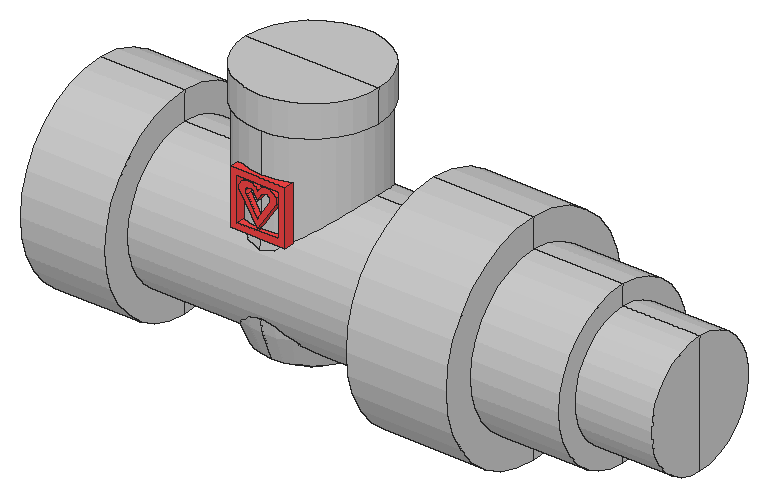
Revit family "Клапан запорный для отключения радиатора HERZ-RL-1, проходной 3723", category Rohrzubehör, Revit 2018
Family settings
  Bemaßung runder Anschluss = Durchmesser verwenden
  Teiletyp = Unterbricht
  OmniClass-Nummer = 23.65.55.14
  OmniClass-Titel = Valves for Liquid Services
  Arbeitsebenenbasiert = Nein
  Immer vertikal = Nein
  Beim Laden mit Abzugskörper schneiden = Nein
  Gemeinsam genutzt = Nein
Parameters
  Среда = "Качество воды в соответствии с ÖNORM H 5195 или директивой VDI 2035."
  Область применения = "Система водяного отопления. С помощью установки радиаторных запорных клапанов возможно осуществить перекрытие обратного потока нагревательных приборов. При одновременном перекрытии с клапаном на подающем трубопроводе возможен демонтаж радиатора в системе, которая находится под давлением. Промывку радиатора или ремонт помещения (оклеивание обоями, облицовку плиткой) можно проводить, не прерывая работу системы. Если требуется предварительная настройка клапанов для отключения радиаторов или заполнение и опорожнение радиаторов или системы при помощи данного клапана, рекомендуется установка клапана HERZ-RL-5."
  Номер заказа [instance] = size_lookup("3723_1_", "Artnr", 0, Nennweite)  # 1372342
  Макс. рабочее давление = 1000000.0 Pa  # constant formula
  Макс. рабочая температура = 120 °C  # constant formula
  Корпус = "Никелированная латунь"  # constant formula
  Исполнение = "Все модели поставляются в никелированном исполнении, это универсальные модели со специальной муфтой для резьбовой трубы и компрессионных фитингов."
  W01 = 60.00°  # constant formula
  URL = "www.herz-armaturen.ru"
  SCRNSEQ = "ARM;ARM_TYP=\"ALLF\";2"
  SCRNCODE = "05;01;02"  # constant formula
  S04 = 45.000 mm  # constant formula
  S03 = 61.000 mm  # constant formula
  S02 [instance] = L05 + L06 + L07  # 63.900 mm
  S01 = 10.000 mm  # constant formula
  R06 = 11.000 mm  # constant formula
  R05 = 25.000 mm  # constant formula
  R04 = 2.000 mm  # constant formula
  R03 = 28.000 mm  # constant formula
  R02 = 11.500 mm  # constant formula
  R01 = 10.500 mm  # constant formula
  Nennweite [instance] = 20.000 mm
  LO1 = 7.000 mm  # constant formula
  L07 [instance] = size_lookup("3723_1_", "L7", 1.000 mm, Nennweite)  # 27.400 mm
  L06 [instance] = size_lookup("3723_1_", "L6", 1.000 mm, Nennweite)  # 16.500 mm
  L05 [instance] = L02 - L04  # 20.000 mm
  L04 [instance] = size_lookup("3723_1_", "L4", 1.000 mm, Nennweite)  # 10.000 mm
  L03 [instance] = size_lookup("3723_1_", "L3", 1.000 mm, Nennweite)  # 14.000 mm
  L02 [instance] = size_lookup("3723_1_", "L2", 1.000 mm, Nennweite)  # 30.000 mm
  L01 [instance] = size_lookup("3723_1_", "L1", 1.000 mm, Nennweite)  # 35.000 mm
  Hersteller = "HERZ Armaturen Ges.m.b.H."  # constant formula
  H05 = 5.200 mm  # constant formula
  H04 = 3.500 mm  # constant formula
  H03 = 28.000 mm  # constant formula
  H02 [instance] = 25.500 mm  # constant formula
  H01 = 17.000 mm  # constant formula
  GTI [instance] = size_lookup("3723_1_", "GT1", 1.000 mm, Nennweite)  # 12.700 mm
  GT [instance] = size_lookup("3723_1_", "GT", 1.000 mm, Nennweite)  # 9.500 mm
  G2 [instance] = Nennweite / 2  # 10.000 mm
  G1 [instance] = Nennweite / 2  # 10.000 mm
  D05 [instance] = size_lookup("3723_1_", "D5", 1.000 mm, Nennweite)  # 13.220 mm
  D04 [instance] = size_lookup("3723_1_", "D4", 1.000 mm, Nennweite)  # 18.000 mm
  D03 [instance] = size_lookup("3723_1_", "D3", 1.000 mm, Nennweite)  # 13.000 mm
  D02 [instance] = size_lookup("3723_1_", "D2", 1.000 mm, Nennweite)  # 12.000 mm
  D01 [instance] = size_lookup("3723_1_", "D1", 1.000 mm, Nennweite)  # 16.500 mm
Reference planes
  plane 1 "Mitte (Vorne/hinten)": y = 0
  plane 2: z = 0
  plane 3 "Mitte (Links/rechts)": x = 0
Forms (mm)
  Revolve 1, solid, material "Messing, weicher Gelbton, geschweißt", detail levels fine
    sketch origin (0, 0, 0) x (1, 0, 0) y (0, 0, 1)
      loop
        line (-25.5, 0) -> (30, 0) -> (30, 13) -> (20, 13) -> (20, 12) -> (-21, 12) -> (-21, 16.5) -> (-35, 16.5) -> (-35, 10) -> (-25.5, 10) -> (-25.5, 0)
      axis (-35, 0) -> (30, 0)
    angle from 0 to 360
  Revolve 2, solid, material "Messing, weicher Gelbton, geschweißt", detail levels fine
    sketch origin (0, 0, 0) x (0, 1, 0) y (0, 0, 1)
      loop
        line (0, 25.5) -> (-10.5, 25.5) -> (-10.5, 7)
        arc (-10.5, 7) -> (-11.341, -2.816) -> (-8.325, -12.194) r 25
        line (-8.325, -12.194) -> (0, -17) -> (0, 25.5)
      axis (0, -17) -> (0, 25.5)
    angle from 0 to 360
  Revolve 3, solid, material "Messing, weicher Gelbton, geschweißt", detail levels fine
    sketch origin (0, 0, 0) x (1, 0, 0) y (0, 0, 1)
      loop
        line (30, 0) -> (63.9, 0) -> (63.9, 10) -> (51.2, 10) -> (51.2, 13.22) -> (36.5, 13.22) -> (36.5, 18) -> (20, 18) -> (20, 13) -> (30, 13) -> (30, 0)
      axis (20, 0) -> (63.9, 0)
    angle from 0 to 360
  Revolve 4, solid, material "Messing, weicher Gelbton, geschweißt", detail levels fine
    sketch origin (0, 0, 0) x (1, 0, 0) y (0, 0, 1)
      loop
        line (0, 22.8) -> (11, 22.8) -> (11, 28) -> (0, 28) -> (0, 22.8)
      axis (0, 28) -> (0, 22.8)
    angle from 0 to 360
Lines and regions (mm)
  model lines, detail levels coarse+medium
    curve 1: line (-35, 0, 16.5) -> (-35, 0, -16.5)
    curve 2: line (-35, 0, -16.5) -> (35, 0, 16.5)
    curve 3: line (35, 0, 16.5) -> (35, 0, -16.5)
    curve 4: line (35, 0, -16.5) -> (-35, 0, 16.5)
    curve 5: line (35, 0, 16.5) -> (45, 0, 16.5)
    curve 6: line (45, 0, 16.5) -> (35, 0, 0)
    curve 7: line (35, 0, -16.5) -> (45, 0, -16.5)
    curve 8: line (45, 0, -16.5) -> (35, 0, 0)
    curve 9: line (35, 0, 0) -> (63.9, 0, 0)
    curve 10: line (-35, 16.5, 0) -> (-35, -16.5, 0)
    curve 11: line (-35, -16.5, 0) -> (35, 16.5, 0)
    curve 12: line (35, 16.5, 0) -> (35, -16.5, 0)
    curve 13: line (35, -16.5, 0) -> (-35, 16.5, 0)
    curve 14: line (35, 16.5, 0) -> (45, 16.5, 0)
    curve 15: line (45, 16.5, 0) -> (35, 0, 0)
    curve 16: line (35, -16.5, 0) -> (45, -16.5, 0)
    curve 17: line (45, -16.5, 0) -> (35, 0, 0)
Dimensions and locks
  "L01": Revolve 1 sketch curve to plane 3 "Mitte (Links/rechts)"
  "L02": Revolve 1 sketch curve to plane 3 "Mitte (Links/rechts)"
  "G1": Revolve 1 sketch curve to plane 2
  "GT": Revolve 1 sketch curve to Revolve 1 sketch curve
  "D01": Revolve 1 sketch curve to Revolve 1 sketch curve
  "D02": Revolve 1 sketch curve to Revolve 1 sketch curve
  "D03": Revolve 1 sketch curve to Revolve 1 sketch curve
  "L03": Revolve 1 sketch curve to Revolve 1 sketch curve
  "L04": Revolve 1 sketch curve to Revolve 1 sketch curve
  "H01": plane 2 to Revolve 2 sketch curve
  "H02": Revolve 2 sketch curve to plane 2
  "R01": Revolve 2 sketch curve to plane 1 "Mitte (Vorne/hinten)"
  "R02": Revolve 2 sketch curve to plane 1 "Mitte (Vorne/hinten)"
  "D03": Revolve 3 sketch curve to plane 2
  "L04": Revolve 3 sketch curve to Revolve 3 sketch curve
  "L05": Revolve 3 sketch curve to plane 3 "Mitte (Links/rechts)"
  "L06": Revolve 3 sketch curve to Revolve 3 sketch curve
  "L07": Revolve 3 sketch curve to Revolve 3 sketch curve
  "D04": Revolve 3 sketch curve to Revolve 3 sketch curve
  "G2": Revolve 3 sketch curve to Revolve 3 sketch curve
  "D05": Revolve 3 sketch curve to Revolve 3 sketch curve
  "GTI": Revolve 3 sketch curve to Revolve 3 sketch curve
  "LO1": nested 1 to plane 2
  "D01": curve 4 to plane 2 to curve 2
  "D01": curve 3 to plane 2 to curve 4
  "L01": curve 1 to plane 3 "Mitte (Links/rechts)" to curve 3
  "S01": curve 3 to curve 6
  "S02": curve 9 to plane 3 "Mitte (Links/rechts)"
  "L01": curve 10 to plane 3 "Mitte (Links/rechts)" to curve 12
  "D01": curve 11 to plane 1 "Mitte (Vorne/hinten)" to curve 13
  "D01": curve 13 to plane 1 "Mitte (Vorne/hinten)" to curve 12
  "S01": curve 12 to curve 15
  "S01": curve 12 to curve 17
  "H03": Revolve 4 sketch curve to plane 2
  "H05": Revolve 4 sketch curve to Revolve 4 sketch curve
  "R06": Revolve 4 sketch curve to Revolve 4 sketch curve
  "R05": radius of Revolve 2 sketch curve
  "W01": angle Revolve 2 sketch curve to Revolve 2 sketch curve
  aligned and locked: level to plane 2
Automatic sketch dimensions
  curve 9 to level = 0.000 mm
  curve 3 to curve 8 = 10.000 mm
  plane 1 "Mitte (Vorne/hinten)" to curve 17 = 0.000 mm
  Revolve 1 sketch curve to level = 0.000 mm  (x2)
  Revolve 1 sketch curve to Revolve 1 sketch curve = 1436.530 mm
  Revolve 1 sketch curve to Revolve 1 sketch curve = 1779.148 mm
  Revolve 2 sketch curve to plane 1 "Mitte (Vorne/hinten)" = 0.000 mm  (x2)
  Revolve 2 sketch curve to level = 0.000 mm
  Revolve 2 sketch curve to Revolve 2 sketch curve = 98.333 mm
  Revolve 2 sketch curve to Revolve 2 sketch curve = 1236.335 mm
  Revolve 3 sketch curve to level = 0.000 mm  (x2)
  Revolve 3 sketch curve to plane 3 "Mitte (Links/rechts)" = 1506.530 mm
  Revolve 3 sketch curve to Revolve 3 sketch curve = 1789.648 mm
  Revolve 4 sketch curve to plane 3 "Mitte (Links/rechts)" = 0.000 mm  (x2)
  Revolve 4 sketch curve to level = 366.045 mm
  Revolve 4 sketch curve to Revolve 4 sketch curve = 2188.615 mm
Nested families
  nested 1: "Herz-Logo-vorne" at (0, -10.5, 11.5) x (0, 1, 0) z (0, 0, 1), type "Herz-Logo-vorne", detail levels fine
Connectors
  piping at (-25.5, 0, 0), diameter 20, driven by "Nennweite"
    settings: on Revolve 1, index 1, connector inside diameter 609.6 mm, connector length 0.000 mm, flow factor 0, pipe flow 0.0 L/s, pressure drop 0.0 Pa, fitting loss kfactor 0, connector angle 0.00°, fixture units 0, engagement length 0.000 mm, angle of deflection 0.00°, flow configuration 0, flow direction 1, fitting loss method 0, system type 8, joint type 0, gender type 0, connector reference index -1, connector utility 0, adjustable connector no, is connector primary yes, connector description ""
  piping at (63.9, 0, 0), diameter 20, driven by "Nennweite"
    settings: on Revolve 3, index 2, connector inside diameter 609.6 mm, connector length 0.000 mm, flow factor 0, pipe flow 0.0 L/s, pressure drop 0.0 Pa, fitting loss kfactor 0, connector angle 0.00°, fixture units 0, engagement length 0.000 mm, angle of deflection 0.00°, flow configuration 0, flow direction 2, fitting loss method 0, system type 8, joint type 0, gender type 0, connector reference index -1, connector utility 0, adjustable connector no, is connector primary no, connector description ""
Definition of nested family "Herz-Logo-vorne"
  Reference planes
    plane 1 "Mitte (Vorne/hinten)": y = 0
    plane 2: z = 0
    plane 3 "Mitte (Links/rechts)": x = 0
  Forms (mm)
    Extrusion 1, solid
      sketch origin (0.732, -0.018, 0.017) x (0, -1, 0) y (0, 0, 1)
        loop
          line (-0.018, -4.517) -> (4.482, -4.517) -> (4.482, 4.483) -> (-4.518, 4.483) -> (-4.518, -4.517) -> (-0.018, -4.517)
        loop
          line (-0.05, -3.48) -> (3.482, -3.48) -> (3.482, 3.483) -> (-3.518, 3.483) -> (-3.518, -3.48) -> (-0.05, -3.48)
        loop
          arc (-0.018, 2.383) -> (-1.543, 3.287) -> (-3.067, 2.383) r 1.738
          arc (-3.067, 2.383) -> (-3.191, 1.899) -> (-3.067, 1.415) r 1.009
          line (-3.067, 1.415) -> (-0.018, -3.281) -> (3.032, 1.415)
          arc (3.032, 1.415) -> (3.156, 1.899) -> (3.032, 2.383) r 1.009
          arc (3.032, 2.383) -> (1.507, 3.287) -> (-0.018, 2.383) r 1.738
        loop
          arc (1.885, 1.272) -> (2.005, 1.675) -> (1.885, 2.079) r 0.74
          arc (1.885, 2.079) -> (1.265, 2.416) -> (0.644, 2.079) r 0.74
          line (0.644, 2.079) -> (-0.018, 0.97) -> (-0.679, 2.079)
          arc (-0.679, 2.079) -> (-1.3, 2.416) -> (-1.921, 2.079) r 0.74
          arc (-1.921, 2.079) -> (-2.04, 1.675) -> (-1.921, 1.272) r 0.74
          line (-1.921, 1.272) -> (-0.018, -1.658) -> (1.885, 1.272)
      from 0 to 1.5
  Dimensions and locks
    aligned and locked: level to plane 2
